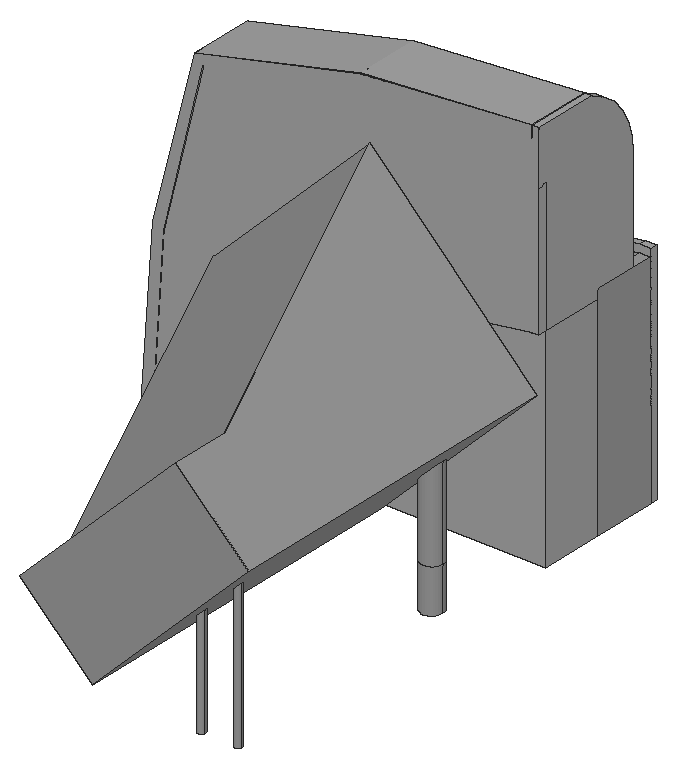
Revit family "Corner_Washfountain-Willoughby-WAF-2200-JR", category Plumbing Fixtures, Revit 2015
Parameters (values of type "Standard")
  Waste DIA = 1 1/2"
  Waste Connection = yes
  Vent Connection = no
  URL = "https://www.willoughby-ind.com/wp-content/uploads/2018/01/WAF-2200.pdf"
  Solid Surface Sink = Solid Surface Acrylic Resin-Willoughby
  Revision = "A"
  Model = "WAF-2200-JR"
  Manufacturer = "Willoughby-Inustries"
  LAV HW DIA = 1/2"
  LAV CW DIA = 1/2"
  HW Connection = yes
  Fixture Body = Stainless Steel AISI 304-Willoughby
  Description = "2 Station Corner Washstation, Floor Mounted, Junior Height"
  Default Elevation = 0' - 0"
  Ciontact = "(800) 428-4065"
  CW Connection = yes
Reference planes (in)
  plane 1 "Center (Front/Back) Floor HGT": y = 0
  plane 2: z = 0
  plane 3 "Center (Left/Right)": x = 0
  plane 4: x = -27
  plane 5: x = -15.5
  plane 6 "Sink HGT": y = 34
  plane 7 "Top Of Unit": y = 39.5
  plane 8: z = 27
  plane 9 "Pedestal": through (0, 0, 0) normal (0.7071, 0, 0.7071)
  plane 10: y = 36.5
  plane 11 "HW/CW Inlets": y = 4
  plane 12 "Waste": y = 24
Forms (in)
  Extrusion 1, solid, material "Solid Surface Acrylic Resin-Willoughby" <- "Solid Surface Sink"
    sketch origin (0, 39.5, 0) x (-1, 0, 0) y (0, 0, 1)
      loop
        line (0, 0) -> (15.5, 0) -> (15.5, 0.75) -> (13.76712, 13.08007)
        arc (13.76712, 13.08007) -> (13.62861, 13.36093) -> (13.35021, 13.50432) r 0.5
        line (13.35021, 13.50432) -> (0.75, 15.5) -> (0, 15.5) -> (0, 0)
    from 0 to -0.5
  Extrusion 2, solid, material "Stainless Steel AISI 304-Willoughby" <- "Fixture Body"
    sketch origin (0, 39.5, 0) x (-1, 0, 0) y (0, 0, 1)
      loop
        line (0, 0) -> (15, 0) -> (15, 0.75) -> (13.36472, 12.38565) -> (12.84918, 13.08368) -> (0.75, 15) -> (0, 15) -> (0, 0)
    from -0.5 to -4.99598
  Extrusion 3, solid, material "Solid Surface Acrylic Resin-Willoughby" <- "Solid Surface Sink"
    sketch origin (0, 0, 0) x (0, 1, 0) y (0, 0, 1)
      loop
        line (37.5, 14.39918) -> (37.5, 22)
        arc (37.5, 22) -> (36.53806, 25.05164) -> (34, 27) r 5.32143
        line (34, 27) -> (29.5, 27) -> (29.5, 14.39918) -> (37.5, 14.39918)
    from 0 to -0.5
  Extrusion 4, solid
    sketch origin (0, 0, 0) x (1, 0, 0) y (0, 1, 0)
      loop
        line (-14.5, 37.5) -> (-22.75, 37.5)
        arc (-22.75, 37.5) -> (-25.50284, 36.51238) -> (-27, 34) r 4.33036
        line (-27, 34) -> (-27, 29.5) -> (-14.5, 29.5) -> (-14.5, 37.5)
    from 0 to 0.5
  Extrusion 5, solid, material "Solid Surface Acrylic Resin-Willoughby" <- "Solid Surface Sink"
    sketch origin (0, 34, 0) x (-1, 0, 0) y (0, 0, 1)
      loop
        line (0.5, 27) -> (0.5, 26.24999)
        arc (0.5, 26.24999) -> (11.78278, 25.40383) -> (22.7888, 22.77993) r 71.15426
        arc (22.7888, 22.77993) -> (25.49234, 11.79112) -> (26.24985, 0.5) r 65.02709
        line (26.24985, 0.5) -> (27, 0.5)
        arc (27, 0.5) -> (26.20321, 12.09908) -> (23.37669, 23.37669) r 65.77709
        arc (23.37669, 23.37669) -> (12.0852, 26.11553) -> (0.5, 27) r 71.90426
    from 0 to -4.5
  Extrusion 6, solid, material "Stainless Steel AISI 304-Willoughby" <- "Fixture Body"
    sketch origin (0, 0, 0) x (0.707107, 0, -0.707107) y (0, 1, 0)
      loop
        line (-7.64394, 29.5) -> (-23.73379, 29.5) -> (-14.6066, 9) -> (-14.6066, 5) -> (-7.64394, 5) -> (-7.64394, 29.5)
    from 7.5 to -7.5
  Extrusion 7, solid, material "Solid Surface Acrylic Resin-Willoughby" <- "Solid Surface Sink"
    sketch origin (0, 34, 0) x (-1, 0, 0) y (0, 0, 1)
      loop
        line (0, 27) -> (0, 14.39918) -> (0.60082, 14.39918) -> (12.51255, 12.51255) -> (12.84918, 12.17591) -> (14.5, 0.42973) -> (14.5, 0) -> (27, 0) -> (27, 0.5)
        arc (27, 0.5) -> (26.20321, 12.09908) -> (23.37669, 23.37669) r 65.77709
        arc (23.37669, 23.37669) -> (12.08092, 26.08856) -> (0.5, 27) r 74.03052
        line (0.5, 27) -> (0, 27)
    from -3.92048 to -4.5
  Extrusion 8, solid, material "Solid Surface Acrylic Resin-Willoughby" <- "Solid Surface Sink"
    sketch origin (0, 34, 0) x (-1, 0, 0) y (0, 0, 1)
      loop
        line (0, 14.39918) -> (0, 0) -> (14.5, 0) -> (14.5, 0.42973) -> (12.84918, 12.17591) -> (12.39148, 12.63361) -> (0.60082, 14.39918) -> (0, 14.39918)
    from 0.50402 to -3.92048
  Revolve 9, solid, material "Stainless Steel AISI 304-Willoughby" <- "Fixture Body"
    sketch origin (0, 9, 0) x (0, 0, -1) y (-1, 0, 0)
      loop
        line (0, 4) -> (3, 4) -> (3, 4.25) -> (-8.14251, 4.25) -> (-8.14251, 4) -> (0, 4)
      axis (-8.14251, 4) -> (3, 4)
    angle from 0 to 360
  Revolve 10, solid, material "Stainless Steel AISI 304-Willoughby" <- "Fixture Body"
    sketch origin (0, 9, 0) x (0, 0, -1) y (-1, 0, 0)
      loop
        line (0, 6.5) -> (3, 6.5) -> (3, 6.75) -> (-4.59085, 6.75) -> (-4.59085, 6.5) -> (0, 6.5)
      axis (-4.59085, 6.5) -> (3, 6.5)
    angle from 0 to 360
  Revolve 11, solid, material "Stainless Steel AISI 304-Willoughby" <- "Fixture Body"
    sketch origin (0, 27, 0) x (0, 0, -1) y (-1, 0, 0)
      loop
        line (0, 6) -> (-6.25796, 6) -> (-6.25796, 5.25) -> (3, 5.25) -> (3, 6) -> (0, 6)
      axis (-6.25796, 5.25) -> (3, 5.25)
    angle from 0 to 360
Lines and regions (in)
  symbolic lines
    curve 1: line (0, 29.5, 0) -> (-27, 29.5, 0)
    curve 2: line (-27, 29.5, 0) -> (-27, 34, 0)
    curve 3: line (-27, 34, 0) -> (0, 34, 0)
    curve 4: line (-22.75, 37.5, 0) -> (-15, 37.5, 0)
    curve 5: arc (-22.75, 37.5, 0) -> (-25.50284, 36.51238, 0) -> (-27, 34, 0) r 4.33036
    curve 6: line (-15.5, 39.5, 0) -> (0, 39.5, 0)
    curve 7: line (0, 39.5, 0) -> (0, 39, 0)
    curve 8: line (0, 39, 0) -> (-15.5, 39, 0)
    curve 9: line (-15, 39, 0) -> (-15, 34.50402, 0)
    curve 10: line (-15, 34.50402, 0) -> (-0.60082, 34.50402, 0)
    curve 11: line (0, 37.5, 0) -> (-0.5, 37.5, 0)
    curve 12: line (-0.5, 37.5, 0) -> (-0.5, 29.5, 0)
    curve 13: line (-14.5, 34, 0) -> (-14.5, 34.50402, 0)
    curve 14: line (-22.08562, 29.5, 0) -> (-15.63173, 9, 0)
    curve 15: line (-15.63173, 9, 0) -> (-15.63173, 0, 0)
    curve 16: line (-15.63173, 0, 0) -> (-0.10178, 0, 0)
    curve 17: line (-0.10178, 0, 0) -> (-5.02513, 0, 0)
    curve 18: line (-5.02513, 9, 0) -> (-11.47902, 29.5, 0)
    curve 19: line (-5.02513, 9, 0) -> (-15.63173, 9, 0)
    curve 20: line (0, 29.5, 0) -> (0, 0, 0)
    curve 21: line (0, 34, 0) -> (0, 34, 27)
    curve 22: arc (0, 34, 27) -> (-11.83819, 34, 26.15512) -> (-23.37669, 34, 23.37669) r 71.98931
    curve 23: arc (-23.37669, 34, 23.37669) -> (-26.20321, 34, 12.09908) -> (-27, 34, 0.5) r 65.77709
    curve 24: line (-27, 34, 0.5) -> (-27, 34, 0)
    curve 25: line (-27, 34, 0) -> (0, 34, 0)
    curve 26: line (-15.5, 34, 0) -> (-15.5, 34, 0.375)
    curve 35: line (0, 0, 0.10178) -> (0, 29.5, 0.10178)
    curve 36: line (0, 29.5, 0.10178) -> (0, 29.5, 22.08562)
    curve 37: line (0, 29.5, 22.08562) -> (0, 9, 15.63173)
    curve 38: line (0, 9, 15.63173) -> (0, 0, 15.63173)
    curve 39: line (0, 0, 15.63173) -> (0, 0, 0.10178)
    curve 43: line (0, 29.5, 22.08562) -> (0, 29.5, 27.00079)
    curve 44: line (0, 29.5, 27.00079) -> (0, 34, 27.00079)
    curve 45: line (0, 34, 27.00079) -> (0, 34, 0.5)
    curve 46: line (0, 29.5, 0.10178) -> (0, 39.5, 0.10178)
    curve 49: arc (0, 34, 27.00079) -> (0, 36.53808, 25.05187) -> (0, 37.5, 21.99985) r 5.32277
    curve 50: line (0, 37.5, 21.99985) -> (0, 37.5, 15)
    curve 51: line (0, 39.5, 0.10178) -> (0, 39.5, 15.5)
    curve 52: line (0, 39.5, 15.5) -> (0, 39, 15.5)
    curve 53: line (0, 39, 15.5) -> (0, 39, 0.10178)
    curve 54: line (0, 39, 15) -> (0, 34.50402, 15)
    curve 55: line (0, 34.50402, 15) -> (0, 34.50402, 0.5)
  symbolic lines, detail levels medium+fine
    curve 27: line (-15.5, 34, 0.375) -> (-13.72554, 34, 13.00092)
    curve 28: line (-13.72554, 34, 13.00092) -> (-13.19804, 34, 13.52842)
    curve 29: line (-13.19804, 34, 13.52842) -> (-0.75, 34, 15.5)
    curve 30: line (-0.75, 34, 15.5) -> (0, 34, 15.5)
    curve 31: line (-0.5, 34, 15.5) -> (-0.5, 34, 27.0039)
    curve 32: arc (-0.5, 34, 26.24999) -> (-11.78278, 34, 25.40383) -> (-22.7888, 34, 22.77993) r 71.15426
    curve 33: arc (-22.7888, 34, 22.77993) -> (-25.49201, 34, 11.79329) -> (-26.24994, 34, 0.5044) r 65.02709
    curve 34: line (-15.48181, 34, 0.5044) -> (-26.98181, 34, 0.5044)
    curve 40: line (0, 0, 5.02513) -> (0, 9, 5.02513)
    curve 41: line (0, 9, 5.02513) -> (0, 9, 15.63173)
    curve 42: line (0, 9, 5.02513) -> (0, 29.5, 11.47902)
  symbolic lines, detail levels fine
    curve 47: line (0, 37.5, 0.10178) -> (0, 37.5, 0.5)
    curve 48: line (0, 37.5, 0.5) -> (0, 34, 0.5)
    curve 56: line (0, 34.50402, 14.39918) -> (0, 34, 14.39918)
Dimensions and locks (in)
  plane 10 to plane 1 "Center (Front/Back) Floor HGT" = 3' - 0 1/2"
  plane 7 "Top Of Unit" to plane 1 "Center (Front/Back) Floor HGT" = 3' - 3 1/2"
  aligned and locked: plane 3 "Center (Left/Right)" to Extrusion 1
  aligned and locked: Extrusion 1 to level
  aligned and locked: plane 7 "Top Of Unit" to Extrusion 1
  aligned and locked: plane 3 "Center (Left/Right)" to Extrusion 2
  aligned and locked: Extrusion 2 to level
  aligned and locked: Extrusion 6 sketch curve to Extrusion 3
  aligned and locked: plane 3 "Center (Left/Right)" to Extrusion 7
  aligned and locked: Extrusion 7 to Extrusion 3
  aligned and locked: Extrusion 7 to level
  aligned and locked: Extrusion 8 to Extrusion 2
  aligned and locked: Extrusion 8 to Extrusion 7
  aligned and locked: Extrusion 3 to Extrusion 7
  aligned and locked: Revolve 9 sketch curve to Revolve 9 sketch curve  (x2)
  aligned and locked: Revolve 10 sketch curve to Revolve 10 sketch curve  (x2)
  aligned and locked: Revolve 11 sketch curve to Revolve 11 sketch curve  (x2)
Connectors (in)
  piping at (-4, 9, -3), diameter 0.5, driven by "LAV CW DIA", driven by "CW Connection"
    settings: on Revolve 9, index 1, connector inside diameter 24", connector length 0' - 0", flow factor 0, pipe flow 0 GPM, pressure drop 0.00 psi, fitting loss kfactor 0, connector angle 0.00°, fixture units 0, engagement length 0' - 0", angle of deflection 0.00°, flow configuration 0, flow direction 1, fitting loss method 0, system type 20, joint type 0, gender type 0, connector reference index -1, connector utility 1, adjustable connector no, is connector primary yes, connector description "CW Inlet"
  piping at (-6.5, 9, -3), diameter 0.5, driven by "LAV CW DIA", driven by "HW Connection"
    settings: on Revolve 10, index 2, connector inside diameter 24", connector length 0' - 0", flow factor 0, pipe flow 0 GPM, pressure drop 0.00 psi, fitting loss kfactor 0, connector angle 0.00°, fixture units 0, engagement length 0' - 0", angle of deflection 0.00°, flow configuration 0, flow direction 1, fitting loss method 0, system type 19, joint type 0, gender type 0, connector reference index -1, connector utility 1, adjustable connector no, is connector primary no, connector description "HW Inlet"
  piping at (-5.25, 27, -3), diameter 1.5, driven by "Waste DIA", driven by "Waste Connection"
    settings: on Revolve 11, index 3, connector inside diameter 24", connector length 0' - 0", flow factor 0, pipe flow 0 GPM, pressure drop 0.00 psi, fitting loss kfactor 0, connector angle 0.00°, fixture units 0, engagement length 0' - 0", angle of deflection 0.00°, flow configuration 0, flow direction 2, fitting loss method 0, system type 16, joint type 0, gender type 0, connector reference index -1, connector utility 1, adjustable connector no, is connector primary no, connector description "Sink Waste"
